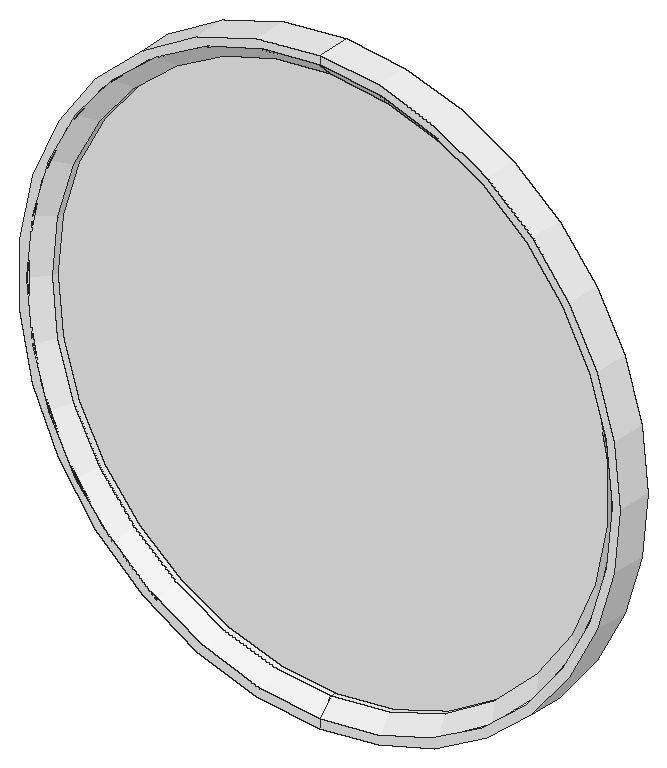
Revit family "xarita s mirror with led lights", category Furniture, Revit 2019 (continued)
Types (18, lengths in mm): name | WIDTH | WEIGHT | TYPE | SPECIFICATION | R1 | PRODUCTURL | PERMALINK | NB | NAME | Model | MIdent | LODLEVEL | LINA | L | IDNR | HEIGHT | GTINCODE | COLLECTIONSET | BASENUMBER | ARTNR | 54989-54989700-MATT_WHITE-400_RX0RY0RZ0TX0TY0TZ0_V | 54989-54989700-MATT_WHITE-200_RX0RY0RZ0TX0TY0TZ0_V | 54988-54988700-MATT_WHITE-400_RX0RY0RZ0TX0TY0TZ0_V | 54988-54988700-MATT_WHITE-200_RX0RY0RZ0TX0TY0TZ0_V | 54987-54987700-MATT_WHITE-400_RX0RY0RZ0TX0TY0TZ0_V | 54987-54987700-MATT_WHITE-200_RX0RY0RZ0TX0TY0TZ0_V | 54986-54986700-MATT_WHITE-400_RX0RY0RZ0TX0TY0TZ0_V | 54986-54986700-MATT_WHITE-200_RX0RY0RZ0TX0TY0TZ0_V | 54985-54985700-MATT_WHITE-400_RX0RY0RZ0TX0TY0TZ0_V | 54985-54985700-MATT_WHITE-200_RX0RY0RZ0TX0TY0TZ0_V | 54984-54984700-MATT_WHITE-400_RX0RY0RZ0TX0TY0TZ0_V | 54984-54984700-MATT_WHITE-200_RX0RY0RZ0TX0TY0TZ0_V | 54983-54983700-MATT_WHITE-400_RX0RY0RZ0TX0TY0TZ0_V | 54983-54983700-MATT_WHITE-200_RX0RY0RZ0TX0TY0TZ0_V | 54982-54982700-MATT_WHITE-400_RX0RY0RZ0TX0TY0TZ0_V | 54982-54982700-MATT_WHITE-200_RX0RY0RZ0TX0TY0TZ0_V | 54981-54981700-MATT_WHITE-400_RX0RY0RZ0TX0TY0TZ0_V | 54981-54981700-MATT_WHITE-200_RX0RY0RZ0TX0TY0TZ0_V
  54985-54985700-MATT_WHITE-200 | "1206" | "12.6" | "R" | "Surfaces:    - 54985700 Matt White      Specification:    • material: mirror glass   • material frame: aluminium   • surface material: powder coating   • MoistureProof: durable and splash water resistant material  • SmartTouch: light control via capacitive sensor, sensor switch in the mirror surface  • light source: LED, exchangeable  • direct LED light with 5 different color temperatures gradations  • colour temperature: 2700 - 6500 K  • LED lifetime: > 50.000 hours   • stepless dimmable  • AntiFog: with mirror heating  • Auto-off function: automatic shutdown for all functions   • Memory function: Dimming, color temperature and RGB LED settings  • with mounting material  • concealed fastening  • wall-mounted" | 706 | "https://pro.hansgrohe.com/articledetail--54985700" | "54985XXX" | "54985-54985700-MATT_WHITE-200" | "Xarita E Mirror with LED lights 1200/50 capacitive touch sensor" | "54985-54985700-MATT_WHITE-200" | "{$CADENAS_DATA/23d-libs/hansgrohe/xarita_mirror/xarita_mirror_led_lights_capacitive_touch_sens.prj},231 {VTYP=3D},{NB=54985-54985700-MATT_WHITE-200},{LINA=54985-54985700-MATT_WHITE-200},{NN=Xarita S Mirror with LED lights},{DATE=13.03.2023 09:42:43},{GEOMDATE=12.03.2023 07:50:00},{VERSION=},{LINEID=50},{WBVAR=LODLEVEL},{WBNUMERIC=}  {NB=54985-54985700-MATT_WHITE-200},{LINA=54985-54985700-MATT_WHITE-200},{KT=DUMMY},{IDNR=5},{ARTNR=54985700},{BASENUMBER=54985},{MODEL=54985XXX},{MATERIAL=MATT_WHITE},{LODLEVEL=200},{LODLEVELX='400','400','200','200'},{L=1206.000},{R1=706.000},{TYPE=R},{NAME=Xarita E Mirror with LED lights 1200/50 capacitive touch sensor},{PERMALINK=54985XXX},{OBJECTTYPE=Object (single object)},{BIMOBJECT=Sanitary: Mirrors},{COLLECTIONSET=Xarita E},{COLLECTIONGROUP=Mirrors},{WIDTH=1206},{HEIGHT=706},{DEPTH=50},{WEIGHT=12.6},{DESCRIPTION=Xarita E Mirror with LED lights 1200/50 capacitive touch sensor},{SPECIFICATION=Surfaces:    - 54985700 Matt White      Specification:    • material: mirror glass   • material frame: aluminium   • surface material: powder coating   • MoistureProof: durable and splash water resistant material  • SmartTouch: light control via capacitive sensor, sensor switch in the mirror surface  • light source: LED, exchangeable  • direct LED light with 5 different color temperatures gradations  • colour temperature: 2700 - 6500 K  • LED lifetime: > 50.000 hours   • stepless dimmable  • AntiFog: with mirror heating  • Auto-off function: automatic shutdown for all functions   • Memory function: Dimming, color temperature and RGB LED settings  • with mounting material  • concealed fastening  • wall-mounted},{PRODUCTURL=https://pro.hansgrohe.com/articledetail--54985700},{GTINCODE=4059625463833},{TENDERURL=},{IFC=Furnishing element},{ETIM=EC010550 | Mirror},{UNICLASS2015=Pr_25_71_53_06 | Bathroom mirrors},{OMNICLASS=23-21 37 13 15 | Mirrors},{MASTERFORMAT=08 83 00 | Mirrors},{UNSPSC=56 | Furniture and Furnishings},{UNIFORMATII=E2010 | Fixed Furnishings},{DESIGN=Germany},{MANUFACTURER=Germany}" | "200" | "54985-54985700-MATT_WHITE-200" | 1206 | 5 | "706" | "4059625463833" | "Xarita E" | "54985" | "54985700" | no | no | no | no | no | no | no | no | no | yes | no | no | no | no | no | no | no | no
  54985-54985700-MATT_WHITE-400 | "1206" | "12.6" | "R" | "Surfaces:    - 54985700 Matt White      Specification:    • material: mirror glass   • material frame: aluminium   • surface material: powder coating   • MoistureProof: durable and splash water resistant material  • SmartTouch: light control via capacitive sensor, sensor switch in the mirror surface  • light source: LED, exchangeable  • direct LED light with 5 different color temperatures gradations  • colour temperature: 2700 - 6500 K  • LED lifetime: > 50.000 hours   • stepless dimmable  • AntiFog: with mirror heating  • Auto-off function: automatic shutdown for all functions   • Memory function: Dimming, color temperature and RGB LED settings  • with mounting material  • concealed fastening  • wall-mounted" | 706 | "https://pro.hansgrohe.com/articledetail--54985700" | "54985XXX" | "54985-54985700-MATT_WHITE-400" | "Xarita E Mirror with LED lights 1200/50 capacitive touch sensor" | "54985-54985700-MATT_WHITE-400" | "{$CADENAS_DATA/23d-libs/hansgrohe/xarita_mirror/xarita_mirror_led_lights_capacitive_touch_sens.prj},231 {VTYP=3D},{NB=54985-54985700-MATT_WHITE-400},{LINA=54985-54985700-MATT_WHITE-400},{NN=Xarita S Mirror with LED lights},{DATE=13.03.2023 09:42:43},{GEOMDATE=12.03.2023 07:50:00},{VERSION=},{LINEID=50},{WBVAR=LODLEVEL},{WBNUMERIC=}  {NB=54985-54985700-MATT_WHITE-400},{LINA=54985-54985700-MATT_WHITE-400},{KT=DUMMY},{IDNR=5},{ARTNR=54985700},{BASENUMBER=54985},{MODEL=54985XXX},{MATERIAL=MATT_WHITE},{LODLEVEL=400},{LODLEVELX='400','400','200','200'},{L=1206.000},{R1=706.000},{TYPE=R},{NAME=Xarita E Mirror with LED lights 1200/50 capacitive touch sensor},{PERMALINK=54985XXX},{OBJECTTYPE=Object (single object)},{BIMOBJECT=Sanitary: Mirrors},{COLLECTIONSET=Xarita E},{COLLECTIONGROUP=Mirrors},{WIDTH=1206},{HEIGHT=706},{DEPTH=50},{WEIGHT=12.6},{DESCRIPTION=Xarita E Mirror with LED lights 1200/50 capacitive touch sensor},{SPECIFICATION=Surfaces:    - 54985700 Matt White      Specification:    • material: mirror glass   • material frame: aluminium   • surface material: powder coating   • MoistureProof: durable and splash water resistant material  • SmartTouch: light control via capacitive sensor, sensor switch in the mirror surface  • light source: LED, exchangeable  • direct LED light with 5 different color temperatures gradations  • colour temperature: 2700 - 6500 K  • LED lifetime: > 50.000 hours   • stepless dimmable  • AntiFog: with mirror heating  • Auto-off function: automatic shutdown for all functions   • Memory function: Dimming, color temperature and RGB LED settings  • with mounting material  • concealed fastening  • wall-mounted},{PRODUCTURL=https://pro.hansgrohe.com/articledetail--54985700},{GTINCODE=4059625463833},{TENDERURL=},{IFC=Furnishing element},{ETIM=EC010550 | Mirror},{UNICLASS2015=Pr_25_71_53_06 | Bathroom mirrors},{OMNICLASS=23-21 37 13 15 | Mirrors},{MASTERFORMAT=08 83 00 | Mirrors},{UNSPSC=56 | Furniture and Furnishings},{UNIFORMATII=E2010 | Fixed Furnishings},{DESIGN=Germany},{MANUFACTURER=Germany}" | "400" | "54985-54985700-MATT_WHITE-400" | 1206 | 5 | "706" | "4059625463833" | "Xarita E" | "54985" | "54985700" | no | no | no | no | no | no | no | no | yes | no | no | no | no | no | no | no | no | no
  54986-54986700-MATT_WHITE-200 | "1006" | "10.7" | "R" | "Surfaces:    - 54986700 Matt White      Specification:    • material: mirror glass   • material frame: aluminium   • surface material: powder coating   • MoistureProof: durable and splash water resistant material  • SmartTouch: light control via capacitive sensor, sensor switch in the mirror surface  • light source: LED, exchangeable  • direct LED light with 5 different color temperatures gradations  • colour temperature: 2700 - 6500 K  • LED lifetime: > 50.000 hours   • stepless dimmable  • AntiFog: with mirror heating  • Auto-off function: automatic shutdown for all functions   • Memory function: Dimming, color temperature and RGB LED settings  • with mounting material  • concealed fastening  • wall-mounted" | 706 | "https://pro.hansgrohe.com/articledetail--54986700" | "54986XXX" | "54986-54986700-MATT_WHITE-200" | "Xarita E Mirror with LED lights 1000/50 capacitive touch sensor" | "54986-54986700-MATT_WHITE-200" | "{$CADENAS_DATA/23d-libs/hansgrohe/xarita_mirror/xarita_mirror_led_lights_capacitive_touch_sens.prj},231 {VTYP=3D},{NB=54986-54986700-MATT_WHITE-200},{LINA=54986-54986700-MATT_WHITE-200},{NN=Xarita S Mirror with LED lights},{DATE=13.03.2023 09:42:43},{GEOMDATE=12.03.2023 07:50:00},{VERSION=},{LINEID=60},{WBVAR=LODLEVEL},{WBNUMERIC=}  {NB=54986-54986700-MATT_WHITE-200},{LINA=54986-54986700-MATT_WHITE-200},{KT=DUMMY},{IDNR=6},{ARTNR=54986700},{BASENUMBER=54986},{MODEL=54986XXX},{MATERIAL=MATT_WHITE},{LODLEVEL=200},{LODLEVELX='400','400','200','200'},{L=1006.000},{R1=706.000},{TYPE=R},{NAME=Xarita E Mirror with LED lights 1000/50 capacitive touch sensor},{PERMALINK=54986XXX},{OBJECTTYPE=Object (single object)},{BIMOBJECT=Sanitary: Mirrors},{COLLECTIONSET=Xarita E},{COLLECTIONGROUP=Mirrors},{WIDTH=1006},{HEIGHT=706},{DEPTH=50},{WEIGHT=10.7},{DESCRIPTION=Xarita E Mirror with LED lights 1000/50 capacitive touch sensor},{SPECIFICATION=Surfaces:    - 54986700 Matt White      Specification:    • material: mirror glass   • material frame: aluminium   • surface material: powder coating   • MoistureProof: durable and splash water resistant material  • SmartTouch: light control via capacitive sensor, sensor switch in the mirror surface  • light source: LED, exchangeable  • direct LED light with 5 different color temperatures gradations  • colour temperature: 2700 - 6500 K  • LED lifetime: > 50.000 hours   • stepless dimmable  • AntiFog: with mirror heating  • Auto-off function: automatic shutdown for all functions   • Memory function: Dimming, color temperature and RGB LED settings  • with mounting material  • concealed fastening  • wall-mounted},{PRODUCTURL=https://pro.hansgrohe.com/articledetail--54986700},{GTINCODE=4059625463826},{TENDERURL=},{IFC=Furnishing element},{ETIM=EC010550 | Mirror},{UNICLASS2015=Pr_25_71_53_06 | Bathroom mirrors},{OMNICLASS=23-21 37 13 15 | Mirrors},{MASTERFORMAT=08 83 00 | Mirrors},{UNSPSC=56 | Furniture and Furnishings},{UNIFORMATII=E2010 | Fixed Furnishings},{DESIGN=Germany},{MANUFACTURER=Germany}" | "200" | "54986-54986700-MATT_WHITE-200" | 1006 | 6 | "706" | "4059625463826" | "Xarita E" | "54986" | "54986700" | no | no | no | no | no | no | no | yes | no | no | no | no | no | no | no | no | no | no
  54986-54986700-MATT_WHITE-400 | "1006" | "10.7" | "R" | "Surfaces:    - 54986700 Matt White      Specification:    • material: mirror glass   • material frame: aluminium   • surface material: powder coating   • MoistureProof: durable and splash water resistant material  • SmartTouch: light control via capacitive sensor, sensor switch in the mirror surface  • light source: LED, exchangeable  • direct LED light with 5 different color temperatures gradations  • colour temperature: 2700 - 6500 K  • LED lifetime: > 50.000 hours   • stepless dimmable  • AntiFog: with mirror heating  • Auto-off function: automatic shutdown for all functions   • Memory function: Dimming, color temperature and RGB LED settings  • with mounting material  • concealed fastening  • wall-mounted" | 706 | "https://pro.hansgrohe.com/articledetail--54986700" | "54986XXX" | "54986-54986700-MATT_WHITE-400" | "Xarita E Mirror with LED lights 1000/50 capacitive touch sensor" | "54986-54986700-MATT_WHITE-400" | "{$CADENAS_DATA/23d-libs/hansgrohe/xarita_mirror/xarita_mirror_led_lights_capacitive_touch_sens.prj},231 {VTYP=3D},{NB=54986-54986700-MATT_WHITE-400},{LINA=54986-54986700-MATT_WHITE-400},{NN=Xarita S Mirror with LED lights},{DATE=13.03.2023 09:42:43},{GEOMDATE=12.03.2023 07:50:00},{VERSION=},{LINEID=60},{WBVAR=LODLEVEL},{WBNUMERIC=}  {NB=54986-54986700-MATT_WHITE-400},{LINA=54986-54986700-MATT_WHITE-400},{KT=DUMMY},{IDNR=6},{ARTNR=54986700},{BASENUMBER=54986},{MODEL=54986XXX},{MATERIAL=MATT_WHITE},{LODLEVEL=400},{LODLEVELX='400','400','200','200'},{L=1006.000},{R1=706.000},{TYPE=R},{NAME=Xarita E Mirror with LED lights 1000/50 capacitive touch sensor},{PERMALINK=54986XXX},{OBJECTTYPE=Object (single object)},{BIMOBJECT=Sanitary: Mirrors},{COLLECTIONSET=Xarita E},{COLLECTIONGROUP=Mirrors},{WIDTH=1006},{HEIGHT=706},{DEPTH=50},{WEIGHT=10.7},{DESCRIPTION=Xarita E Mirror with LED lights 1000/50 capacitive touch sensor},{SPECIFICATION=Surfaces:    - 54986700 Matt White      Specification:    • material: mirror glass   • material frame: aluminium   • surface material: powder coating   • MoistureProof: durable and splash water resistant material  • SmartTouch: light control via capacitive sensor, sensor switch in the mirror surface  • light source: LED, exchangeable  • direct LED light with 5 different color temperatures gradations  • colour temperature: 2700 - 6500 K  • LED lifetime: > 50.000 hours   • stepless dimmable  • AntiFog: with mirror heating  • Auto-off function: automatic shutdown for all functions   • Memory function: Dimming, color temperature and RGB LED settings  • with mounting material  • concealed fastening  • wall-mounted},{PRODUCTURL=https://pro.hansgrohe.com/articledetail--54986700},{GTINCODE=4059625463826},{TENDERURL=},{IFC=Furnishing element},{ETIM=EC010550 | Mirror},{UNICLASS2015=Pr_25_71_53_06 | Bathroom mirrors},{OMNICLASS=23-21 37 13 15 | Mirrors},{MASTERFORMAT=08 83 00 | Mirrors},{UNSPSC=56 | Furniture and Furnishings},{UNIFORMATII=E2010 | Fixed Furnishings},{DESIGN=Germany},{MANUFACTURER=Germany}" | "400" | "54986-54986700-MATT_WHITE-400" | 1006 | 6 | "706" | "4059625463826" | "Xarita E" | "54986" | "54986700" | no | no | no | no | no | no | yes | no | no | no | no | no | no | no | no | no | no | no
  54987-54987700-MATT_WHITE-200 | "806" | "9" | "R" | "Surfaces:    - 54987700 Matt White      Specification:    • material: mirror glass   • material frame: aluminium   • surface material: powder coating   • MoistureProof: durable and splash water resistant material  • SmartTouch: light control via capacitive sensor, sensor switch in the mirror surface  • light source: LED, exchangeable  • direct LED light with 5 different color temperatures gradations  • colour temperature: 2700 - 6500 K  • LED lifetime: > 50.000 hours   • stepless dimmable  • AntiFog: with mirror heating  • Auto-off function: automatic shutdown for all functions   • Memory function: Dimming, color temperature and RGB LED settings  • with mounting material  • concealed fastening  • wall-mounted" | 706 | "https://pro.hansgrohe.com/articledetail--54987700" | "54987XXX" | "54987-54987700-MATT_WHITE-200" | "Xarita E Mirror with LED lights 800/50 capacitive touch sensor" | "54987-54987700-MATT_WHITE-200" | "{$CADENAS_DATA/23d-libs/hansgrohe/xarita_mirror/xarita_mirror_led_lights_capacitive_touch_sens.prj},231 {VTYP=3D},{NB=54987-54987700-MATT_WHITE-200},{LINA=54987-54987700-MATT_WHITE-200},{NN=Xarita S Mirror with LED lights},{DATE=13.03.2023 09:42:43},{GEOMDATE=12.03.2023 07:50:00},{VERSION=},{LINEID=70},{WBVAR=LODLEVEL},{WBNUMERIC=}  {NB=54987-54987700-MATT_WHITE-200},{LINA=54987-54987700-MATT_WHITE-200},{KT=DUMMY},{IDNR=7},{ARTNR=54987700},{BASENUMBER=54987},{MODEL=54987XXX},{MATERIAL=MATT_WHITE},{LODLEVEL=200},{LODLEVELX='400','400','200','200'},{L=806.000},{R1=706.000},{TYPE=R},{NAME=Xarita E Mirror with LED lights 800/50 capacitive touch sensor},{PERMALINK=54987XXX},{OBJECTTYPE=Object (single object)},{BIMOBJECT=Sanitary: Mirrors},{COLLECTIONSET=Xarita E},{COLLECTIONGROUP=Mirrors},{WIDTH=806},{HEIGHT=706},{DEPTH=50},{WEIGHT=9},{DESCRIPTION=Xarita E Mirror with LED lights 800/50 capacitive touch sensor},{SPECIFICATION=Surfaces:    - 54987700 Matt White      Specification:    • material: mirror glass   • material frame: aluminium   • surface material: powder coating   • MoistureProof: durable and splash water resistant material  • SmartTouch: light control via capacitive sensor, sensor switch in the mirror surface  • light source: LED, exchangeable  • direct LED light with 5 different color temperatures gradations  • colour temperature: 2700 - 6500 K  • LED lifetime: > 50.000 hours   • stepless dimmable  • AntiFog: with mirror heating  • Auto-off function: automatic shutdown for all functions   • Memory function: Dimming, color temperature and RGB LED settings  • with mounting material  • concealed fastening  • wall-mounted},{PRODUCTURL=https://pro.hansgrohe.com/articledetail--54987700},{GTINCODE=4059625463819},{TENDERURL=},{IFC=Furnishing element},{ETIM=EC010550 | Mirror},{UNICLASS2015=Pr_25_71_53_06 | Bathroom mirrors},{OMNICLASS=23-21 37 13 15 | Mirrors},{MASTERFORMAT=08 83 00 | Mirrors},{UNSPSC=56 | Furniture and Furnishings},{UNIFORMATII=E2010 | Fixed Furnishings},{DESIGN=Germany},{MANUFACTURER=Germany}" | "200" | "54987-54987700-MATT_WHITE-200" | 806 | 7 | "706" | "4059625463819" | "Xarita E" | "54987" | "54987700" | no | no | no | no | no | yes | no | no | no | no | no | no | no | no | no | no | no | no
  54987-54987700-MATT_WHITE-400 | "806" | "9" | "R" | "Surfaces:    - 54987700 Matt White      Specification:    • material: mirror glass   • material frame: aluminium   • surface material: powder coating   • MoistureProof: durable and splash water resistant material  • SmartTouch: light control via capacitive sensor, sensor switch in the mirror surface  • light source: LED, exchangeable  • direct LED light with 5 different color temperatures gradations  • colour temperature: 2700 - 6500 K  • LED lifetime: > 50.000 hours   • stepless dimmable  • AntiFog: with mirror heating  • Auto-off function: automatic shutdown for all functions   • Memory function: Dimming, color temperature and RGB LED settings  • with mounting material  • concealed fastening  • wall-mounted" | 706 | "https://pro.hansgrohe.com/articledetail--54987700" | "54987XXX" | "54987-54987700-MATT_WHITE-400" | "Xarita E Mirror with LED lights 800/50 capacitive touch sensor" | "54987-54987700-MATT_WHITE-400" | "{$CADENAS_DATA/23d-libs/hansgrohe/xarita_mirror/xarita_mirror_led_lights_capacitive_touch_sens.prj},231 {VTYP=3D},{NB=54987-54987700-MATT_WHITE-400},{LINA=54987-54987700-MATT_WHITE-400},{NN=Xarita S Mirror with LED lights},{DATE=13.03.2023 09:42:43},{GEOMDATE=12.03.2023 07:50:00},{VERSION=},{LINEID=70},{WBVAR=LODLEVEL},{WBNUMERIC=}  {NB=54987-54987700-MATT_WHITE-400},{LINA=54987-54987700-MATT_WHITE-400},{KT=DUMMY},{IDNR=7},{ARTNR=54987700},{BASENUMBER=54987},{MODEL=54987XXX},{MATERIAL=MATT_WHITE},{LODLEVEL=400},{LODLEVELX='400','400','200','200'},{L=806.000},{R1=706.000},{TYPE=R},{NAME=Xarita E Mirror with LED lights 800/50 capacitive touch sensor},{PERMALINK=54987XXX},{OBJECTTYPE=Object (single object)},{BIMOBJECT=Sanitary: Mirrors},{COLLECTIONSET=Xarita E},{COLLECTIONGROUP=Mirrors},{WIDTH=806},{HEIGHT=706},{DEPTH=50},{WEIGHT=9},{DESCRIPTION=Xarita E Mirror with LED lights 800/50 capacitive touch sensor},{SPECIFICATION=Surfaces:    - 54987700 Matt White      Specification:    • material: mirror glass   • material frame: aluminium   • surface material: powder coating   • MoistureProof: durable and splash water resistant material  • SmartTouch: light control via capacitive sensor, sensor switch in the mirror surface  • light source: LED, exchangeable  • direct LED light with 5 different color temperatures gradations  • colour temperature: 2700 - 6500 K  • LED lifetime: > 50.000 hours   • stepless dimmable  • AntiFog: with mirror heating  • Auto-off function: automatic shutdown for all functions   • Memory function: Dimming, color temperature and RGB LED settings  • with mounting material  • concealed fastening  • wall-mounted},{PRODUCTURL=https://pro.hansgrohe.com/articledetail--54987700},{GTINCODE=4059625463819},{TENDERURL=},{IFC=Furnishing element},{ETIM=EC010550 | Mirror},{UNICLASS2015=Pr_25_71_53_06 | Bathroom mirrors},{OMNICLASS=23-21 37 13 15 | Mirrors},{MASTERFORMAT=08 83 00 | Mirrors},{UNSPSC=56 | Furniture and Furnishings},{UNIFORMATII=E2010 | Fixed Furnishings},{DESIGN=Germany},{MANUFACTURER=Germany}" | "400" | "54987-54987700-MATT_WHITE-400" | 806 | 7 | "706" | "4059625463819" | "Xarita E" | "54987" | "54987700" | no | no | no | no | yes | no | no | no | no | no | no | no | no | no | no | no | no | no
  54988-54988700-MATT_WHITE-200 | "606" | "7.2" | "R" | "Surfaces:    - 54988700 Matt White      Specification:    • material: mirror glass   • material frame: aluminium   • surface material: powder coating   • MoistureProof: durable and splash water resistant material  • SmartTouch: light control via capacitive sensor, sensor switch in the mirror surface  • light source: LED, exchangeable  • direct LED light with 5 different color temperatures gradations  • colour temperature: 2700 - 6500 K  • LED lifetime: > 50.000 hours   • stepless dimmable  • AntiFog: with mirror heating  • Auto-off function: automatic shutdown for all functions   • Memory function: Dimming, color temperature and RGB LED settings  • with mounting material  • concealed fastening  • wall-mounted" | 706 | "https://pro.hansgrohe.com/articledetail--54988700" | "54988XXX" | "54988-54988700-MATT_WHITE-200" | "Xarita E Mirror with LED lights 600/50 capacitive touch sensor" | "54988-54988700-MATT_WHITE-200" | "{$CADENAS_DATA/23d-libs/hansgrohe/xarita_mirror/xarita_mirror_led_lights_capacitive_touch_sens.prj},231 {VTYP=3D},{NB=54988-54988700-MATT_WHITE-200},{LINA=54988-54988700-MATT_WHITE-200},{NN=Xarita S Mirror with LED lights},{DATE=13.03.2023 09:42:43},{GEOMDATE=12.03.2023 07:50:00},{VERSION=},{LINEID=80},{WBVAR=LODLEVEL},{WBNUMERIC=}  {NB=54988-54988700-MATT_WHITE-200},{LINA=54988-54988700-MATT_WHITE-200},{KT=DUMMY},{IDNR=8},{ARTNR=54988700},{BASENUMBER=54988},{MODEL=54988XXX},{MATERIAL=MATT_WHITE},{LODLEVEL=200},{LODLEVELX='400','400','200','200'},{L=606.000},{R1=706.000},{TYPE=R},{NAME=Xarita E Mirror with LED lights 600/50 capacitive touch sensor},{PERMALINK=54988XXX},{OBJECTTYPE=Object (single object)},{BIMOBJECT=Sanitary: Mirrors},{COLLECTIONSET=Xarita E},{COLLECTIONGROUP=Mirrors},{WIDTH=606},{HEIGHT=706},{DEPTH=50},{WEIGHT=7.2},{DESCRIPTION=Xarita E Mirror with LED lights 600/50 capacitive touch sensor},{SPECIFICATION=Surfaces:    - 54988700 Matt White      Specification:    • material: mirror glass   • material frame: aluminium   • surface material: powder coating   • MoistureProof: durable and splash water resistant material  • SmartTouch: light control via capacitive sensor, sensor switch in the mirror surface  • light source: LED, exchangeable  • direct LED light with 5 different color temperatures gradations  • colour temperature: 2700 - 6500 K  • LED lifetime: > 50.000 hours   • stepless dimmable  • AntiFog: with mirror heating  • Auto-off function: automatic shutdown for all functions   • Memory function: Dimming, color temperature and RGB LED settings  • with mounting material  • concealed fastening  • wall-mounted},{PRODUCTURL=https://pro.hansgrohe.com/articledetail--54988700},{GTINCODE=4059625463802},{TENDERURL=},{IFC=Furnishing element},{ETIM=EC010550 | Mirror},{UNICLASS2015=Pr_25_71_53_06 | Bathroom mirrors},{OMNICLASS=23-21 37 13 15 | Mirrors},{MASTERFORMAT=08 83 00 | Mirrors},{UNSPSC=56 | Furniture and Furnishings},{UNIFORMATII=E2010 | Fixed Furnishings},{DESIGN=Germany},{MANUFACTURER=Germany}" | "200" | "54988-54988700-MATT_WHITE-200" | 606 | 8 | "706" | "4059625463802" | "Xarita E" | "54988" | "54988700" | no | no | no | yes | no | no | no | no | no | no | no | no | no | no | no | no | no | no
  54988-54988700-MATT_WHITE-400 | "606" | "7.2" | "R" | "Surfaces:    - 54988700 Matt White      Specification:    • material: mirror glass   • material frame: aluminium   • surface material: powder coating   • MoistureProof: durable and splash water resistant material  • SmartTouch: light control via capacitive sensor, sensor switch in the mirror surface  • light source: LED, exchangeable  • direct LED light with 5 different color temperatures gradations  • colour temperature: 2700 - 6500 K  • LED lifetime: > 50.000 hours   • stepless dimmable  • AntiFog: with mirror heating  • Auto-off function: automatic shutdown for all functions   • Memory function: Dimming, color temperature and RGB LED settings  • with mounting material  • concealed fastening  • wall-mounted" | 706 | "https://pro.hansgrohe.com/articledetail--54988700" | "54988XXX" | "54988-54988700-MATT_WHITE-400" | "Xarita E Mirror with LED lights 600/50 capacitive touch sensor" | "54988-54988700-MATT_WHITE-400" | "{$CADENAS_DATA/23d-libs/hansgrohe/xarita_mirror/xarita_mirror_led_lights_capacitive_touch_sens.prj},231 {VTYP=3D},{NB=54988-54988700-MATT_WHITE-400},{LINA=54988-54988700-MATT_WHITE-400},{NN=Xarita S Mirror with LED lights},{DATE=13.03.2023 09:42:43},{GEOMDATE=12.03.2023 07:50:00},{VERSION=},{LINEID=80},{WBVAR=LODLEVEL},{WBNUMERIC=}  {NB=54988-54988700-MATT_WHITE-400},{LINA=54988-54988700-MATT_WHITE-400},{KT=DUMMY},{IDNR=8},{ARTNR=54988700},{BASENUMBER=54988},{MODEL=54988XXX},{MATERIAL=MATT_WHITE},{LODLEVEL=400},{LODLEVELX='400','400','200','200'},{L=606.000},{R1=706.000},{TYPE=R},{NAME=Xarita E Mirror with LED lights 600/50 capacitive touch sensor},{PERMALINK=54988XXX},{OBJECTTYPE=Object (single object)},{BIMOBJECT=Sanitary: Mirrors},{COLLECTIONSET=Xarita E},{COLLECTIONGROUP=Mirrors},{WIDTH=606},{HEIGHT=706},{DEPTH=50},{WEIGHT=7.2},{DESCRIPTION=Xarita E Mirror with LED lights 600/50 capacitive touch sensor},{SPECIFICATION=Surfaces:    - 54988700 Matt White      Specification:    • material: mirror glass   • material frame: aluminium   • surface material: powder coating   • MoistureProof: durable and splash water resistant material  • SmartTouch: light control via capacitive sensor, sensor switch in the mirror surface  • light source: LED, exchangeable  • direct LED light with 5 different color temperatures gradations  • colour temperature: 2700 - 6500 K  • LED lifetime: > 50.000 hours   • stepless dimmable  • AntiFog: with mirror heating  • Auto-off function: automatic shutdown for all functions   • Memory function: Dimming, color temperature and RGB LED settings  • with mounting material  • concealed fastening  • wall-mounted},{PRODUCTURL=https://pro.hansgrohe.com/articledetail--54988700},{GTINCODE=4059625463802},{TENDERURL=},{IFC=Furnishing element},{ETIM=EC010550 | Mirror},{UNICLASS2015=Pr_25_71_53_06 | Bathroom mirrors},{OMNICLASS=23-21 37 13 15 | Mirrors},{MASTERFORMAT=08 83 00 | Mirrors},{UNSPSC=56 | Furniture and Furnishings},{UNIFORMATII=E2010 | Fixed Furnishings},{DESIGN=Germany},{MANUFACTURER=Germany}" | "400" | "54988-54988700-MATT_WHITE-400" | 606 | 8 | "706" | "4059625463802" | "Xarita E" | "54988" | "54988700" | no | no | yes | no | no | no | no | no | no | no | no | no | no | no | no | no | no | no
  54989-54989700-MATT_WHITE-200 | "506" | "6.2" | "R" | "Surfaces:    - 54989700 Matt White      Specification:    • material: mirror glass   • material frame: aluminium   • surface material: powder coating   • MoistureProof: durable and splash water resistant material  • SmartTouch: light control via capacitive sensor, sensor switch in the mirror surface  • light source: LED, exchangeable  • direct LED light with 5 different color temperatures gradations  • colour temperature: 2700 - 6500 K  • LED lifetime: > 50.000 hours   • stepless dimmable  • AntiFog: with mirror heating  • Auto-off function: automatic shutdown for all functions   • Memory function: Dimming, color temperature and RGB LED settings  • with mounting material  • concealed fastening  • wall-mounted" | 706 | "https://pro.hansgrohe.com/articledetail--54989700" | "54989XXX" | "54989-54989700-MATT_WHITE-200" | "Xarita E Mirror with LED lights 500/50 capacitive touch sensor" | "54989-54989700-MATT_WHITE-200" | "{$CADENAS_DATA/23d-libs/hansgrohe/xarita_mirror/xarita_mirror_led_lights_capacitive_touch_sens.prj},232 {VTYP=3D},{NB=54989-54989700-MATT_WHITE-200},{LINA=54989-54989700-MATT_WHITE-200},{NN=Xarita S Mirror with LED lights},{DATE=13.03.2023 09:42:43},{GEOMDATE=12.03.2023 07:50:00},{VERSION=},{LINEID=760},{WBVAR=LODLEVEL},{WBNUMERIC=}  {NB=54989-54989700-MATT_WHITE-200},{LINA=54989-54989700-MATT_WHITE-200},{KT=DUMMY},{IDNR=9},{ARTNR=54989700},{BASENUMBER=54989},{MODEL=54989XXX},{MATERIAL=MATT_WHITE},{LODLEVEL=200},{LODLEVELX='400','400','200','200'},{L=506.000},{R1=706.000},{TYPE=R},{NAME=Xarita E Mirror with LED lights 500/50 capacitive touch sensor},{PERMALINK=54989XXX},{OBJECTTYPE=Object (single object)},{BIMOBJECT=Sanitary: Mirrors},{COLLECTIONSET=Xarita E},{COLLECTIONGROUP=Mirrors},{WIDTH=506},{HEIGHT=706},{DEPTH=50},{WEIGHT=6.2},{DESCRIPTION=Xarita E Mirror with LED lights 500/50 capacitive touch sensor},{SPECIFICATION=Surfaces:    - 54989700 Matt White      Specification:    • material: mirror glass   • material frame: aluminium   • surface material: powder coating   • MoistureProof: durable and splash water resistant material  • SmartTouch: light control via capacitive sensor, sensor switch in the mirror surface  • light source: LED, exchangeable  • direct LED light with 5 different color temperatures gradations  • colour temperature: 2700 - 6500 K  • LED lifetime: > 50.000 hours   • stepless dimmable  • AntiFog: with mirror heating  • Auto-off function: automatic shutdown for all functions   • Memory function: Dimming, color temperature and RGB LED settings  • with mounting material  • concealed fastening  • wall-mounted},{PRODUCTURL=https://pro.hansgrohe.com/articledetail--54989700},{GTINCODE=4059625463796},{TENDERURL=},{IFC=Furnishing element},{ETIM=EC010550 | Mirror},{UNICLASS2015=Pr_25_71_53_06 | Bathroom mirrors},{OMNICLASS=23-21 37 13 15 | Mirrors},{MASTERFORMAT=08 83 00 | Mirrors},{UNSPSC=56 | Furniture and Furnishings},{UNIFORMATII=E2010 | Fixed Furnishings},{DESIGN=Germany},{MANUFACTURER=Germany}" | "200" | "54989-54989700-MATT_WHITE-200" | 506 | 9 | "706" | "4059625463796" | "Xarita E" | "54989" | "54989700" | no | yes | no | no | no | no | no | no | no | no | no | no | no | no | no | no | no | no
  54989-54989700-MATT_WHITE-400 | "506" | "6.2" | "R" | "Surfaces:    - 54989700 Matt White      Specification:    • material: mirror glass   • material frame: aluminium   • surface material: powder coating   • MoistureProof: durable and splash water resistant material  • SmartTouch: light control via capacitive sensor, sensor switch in the mirror surface  • light source: LED, exchangeable  • direct LED light with 5 different color temperatures gradations  • colour temperature: 2700 - 6500 K  • LED lifetime: > 50.000 hours   • stepless dimmable  • AntiFog: with mirror heating  • Auto-off function: automatic shutdown for all functions   • Memory function: Dimming, color temperature and RGB LED settings  • with mounting material  • concealed fastening  • wall-mounted" | 706 | "https://pro.hansgrohe.com/articledetail--54989700" | "54989XXX" | "54989-54989700-MATT_WHITE-400" | "Xarita E Mirror with LED lights 500/50 capacitive touch sensor" | "54989-54989700-MATT_WHITE-400" | "{$CADENAS_DATA/23d-libs/hansgrohe/xarita_mirror/xarita_mirror_led_lights_capacitive_touch_sens.prj},232 {VTYP=3D},{NB=54989-54989700-MATT_WHITE-400},{LINA=54989-54989700-MATT_WHITE-400},{NN=Xarita S Mirror with LED lights},{DATE=13.03.2023 09:42:43},{GEOMDATE=12.03.2023 07:50:00},{VERSION=},{LINEID=760},{WBVAR=LODLEVEL},{WBNUMERIC=}  {NB=54989-54989700-MATT_WHITE-400},{LINA=54989-54989700-MATT_WHITE-400},{KT=DUMMY},{IDNR=9},{ARTNR=54989700},{BASENUMBER=54989},{MODEL=54989XXX},{MATERIAL=MATT_WHITE},{LODLEVEL=400},{LODLEVELX='400','400','200','200'},{L=506.000},{R1=706.000},{TYPE=R},{NAME=Xarita E Mirror with LED lights 500/50 capacitive touch sensor},{PERMALINK=54989XXX},{OBJECTTYPE=Object (single object)},{BIMOBJECT=Sanitary: Mirrors},{COLLECTIONSET=Xarita E},{COLLECTIONGROUP=Mirrors},{WIDTH=506},{HEIGHT=706},{DEPTH=50},{WEIGHT=6.2},{DESCRIPTION=Xarita E Mirror with LED lights 500/50 capacitive touch sensor},{SPECIFICATION=Surfaces:    - 54989700 Matt White      Specification:    • material: mirror glass   • material frame: aluminium   • surface material: powder coating   • MoistureProof: durable and splash water resistant material  • SmartTouch: light control via capacitive sensor, sensor switch in the mirror surface  • light source: LED, exchangeable  • direct LED light with 5 different color temperatures gradations  • colour temperature: 2700 - 6500 K  • LED lifetime: > 50.000 hours   • stepless dimmable  • AntiFog: with mirror heating  • Auto-off function: automatic shutdown for all functions   • Memory function: Dimming, color temperature and RGB LED settings  • with mounting material  • concealed fastening  • wall-mounted},{PRODUCTURL=https://pro.hansgrohe.com/articledetail--54989700},{GTINCODE=4059625463796},{TENDERURL=},{IFC=Furnishing element},{ETIM=EC010550 | Mirror},{UNICLASS2015=Pr_25_71_53_06 | Bathroom mirrors},{OMNICLASS=23-21 37 13 15 | Mirrors},{MASTERFORMAT=08 83 00 | Mirrors},{UNSPSC=56 | Furniture and Furnishings},{UNIFORMATII=E2010 | Fixed Furnishings},{DESIGN=Germany},{MANUFACTURER=Germany}" | "400" | "54989-54989700-MATT_WHITE-400" | 506 | 9 | "706" | "4059625463796" | "Xarita E" | "54989" | "54989700" | yes | no | no | no | no | no | no | no | no | no | no | no | no | no | no | no | no | no
